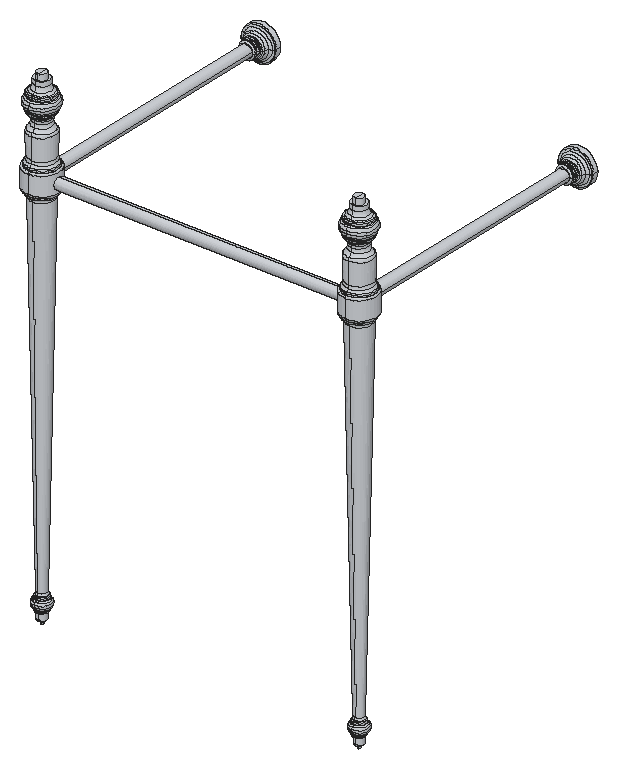
Revit family "Furniture-Console_Table_Legs-KOHLER-Memoirs-K-30009", category Specialty Equipment, host Face, Revit 2015
Parameters (values of type "CP-Polished Chrome")
  Width = 20 11/16"  # constant formula
  URL = "https://www.us.kohler.com/us/"
  Type = 1
  Product Page URL = "http://www.us.kohler.com/us/catalog/productDetails.jsp?productNumber=30009"
  Product Name = "Memoirs"  # constant formula
  Product Documentation Link = "http://www.us.kohler.com/onlinecatalog/pdf/K-30009_spec.pdf"
  Model = if(Type = 1, "K-30009-CP", if(Type = 2, "K-30009-BN", if(Type = 3, "K-30009-BV", if(Type = 4, "K-30009-2BZ", "NA"))))  # "K-30009-CP"
  Material = "Solid Brass"  # constant formula
  MasterFormat 2004 = "10.28.13"  # constant formula
  MasterFormat 1995 = "10820"  # constant formula
  Manufacturer Address = "444 Highland Dr, Kohler, WI 53044"  # constant formula
  Manufacturer = "KOHLER Co."  # constant formula
  Length = 18"  # constant formula
  Height = 32 1/4"  # constant formula
  Finish = Kohler-Metal-CP-Polished_Chrome
  Environmental Product Declaration = ""
  Description = "Console table legs for K-2239 Memoirs sink"  # constant formula
  Default Elevation = 42"
  Declare Label = ""
  Date Modified = "12/11/2018"  # constant formula
  Date Created = "12/11/2018"  # constant formula
  Copyright = "Copyright KOHLER Co."  # constant formula
  Contact Us = "https://www.us.kohler.com/us/static/contact.jsp"
  Assembly Code = "C1030200"
  ADA Compliant = 1 = 0  # no
Reference planes (in)
  plane 1 "Center (Front/Back)": y = 0
  plane 2: z = 0
  plane 3 "Center (Left/Right)": x = 0
  plane 4: x = -10.34375
  plane 5: x = 10.34375
  plane 6: z = 32.25
  plane 7: y = 18
Dimensions and locks (in)
  "Height": plane 6 to level
  "Width": plane 4 to plane 5
  "Length": plane 7 to plane 1 "Center (Front/Back)"
  aligned and locked: host face to plane 2
  aligned and locked: host face to level
Automatic sketch dimensions
  host sketch curve to host sketch curve = 96"  (x2)
Nested families (in)
  nested 1: "K-30009" at (0, 18, 16.125) x (-1, 0, 0) z (0, -1, 0), type "K-30009"
Definition of nested family "K-30009"
  Parameters (values of type "K-30009")
    Material = none
    Default Elevation = 48"
  Reference planes (in)
    plane 1 "Center (Front/Back)": y = 0
    plane 2: z = 0
    plane 3 "Center (Left/Right)": x = 0
    plane 4: x = -10.34375
    plane 5: x = 10.34375
    plane 6: y = 16.125
    plane 7: y = -16.125
    plane 8: z = 18
  Forms (in)
    Revolve 1, solid, material <- "Material", detail levels medium+fine
      sketch origin (1.46875, 10.011, 0) x (1, 0, 0) y (0, 0, 1)
        loop
          line (8.875, 0) -> (8.875, 18) -> (8.5, 18) -> (8.5, 1.346) -> (8.41906, 1.346)
          arc (8.41906, 1.346) -> (8.36494, 1.32732) -> (8.33386, 1.27924) r 0.08775
          arc (8.33386, 1.27924) -> (8.33059, 1.25169) -> (8.33417, 1.22418) r 0.11251
          arc (8.33417, 1.22418) -> (8.34377, 1.20686) -> (8.36057, 1.19637) r 0.03951
          arc (8.36057, 1.19637) -> (8.38055, 1.18696) -> (8.39726, 1.17254) r 0.08155
          arc (8.39726, 1.17254) -> (8.42648, 1.12495) -> (8.43789, 1.0703) r 0.16273
          arc (8.43789, 1.0703) -> (8.42398, 1.01029) -> (8.38199, 0.96522) r 0.11929
          arc (8.38199, 0.96522) -> (8.35827, 0.95245) -> (8.33308, 0.94291) r 0.20464
          arc (8.33308, 0.94291) -> (8.31027, 0.92618) -> (8.30286, 0.89887) r 0.04282
          arc (8.30286, 0.89887) -> (8.29002, 0.85026) -> (8.25007, 0.81975) r 0.07754
          arc (8.25007, 0.81975) -> (8.18959, 0.78696) -> (8.144, 0.73544) r 0.19783
          arc (8.144, 0.73544) -> (8.09993, 0.65925) -> (8.05975, 0.58094) r 1.74576
          arc (8.05975, 0.58094) -> (8.00416, 0.49545) -> (7.92879, 0.42677) r 0.40039
          arc (7.92879, 0.42677) -> (7.85715, 0.39029) -> (7.77823, 0.37504) r 0.28779
          arc (7.77823, 0.37504) -> (7.75215, 0.36305) -> (7.7415, 0.3364) r 0.03869
          line (7.7415, 0.3364) -> (7.7415, 0) -> (8.875, 0)
        axis (8.875, 18) -> (8.875, 0)
      angle from 0 to 360
    Revolve 2, solid, material <- "Material", detail levels medium+fine
      sketch origin (-1.46875, 10.011, 0) x (-1, 0, 0) y (0, 0, -1)
        loop
          line (8.875, 0) -> (7.7415, 0) -> (7.7415, -0.3364)
          arc (7.7415, -0.3364) -> (7.75215, -0.36305) -> (7.77823, -0.37504) r 0.03869
          arc (7.77823, -0.37504) -> (7.85715, -0.39029) -> (7.92879, -0.42677) r 0.28779
          arc (7.92879, -0.42677) -> (8.00416, -0.49545) -> (8.05975, -0.58094) r 0.40039
          arc (8.05975, -0.58094) -> (8.09993, -0.65925) -> (8.144, -0.73544) r 1.74576
          arc (8.144, -0.73544) -> (8.18959, -0.78696) -> (8.25007, -0.81975) r 0.19783
          arc (8.25007, -0.81975) -> (8.29002, -0.85026) -> (8.30286, -0.89887) r 0.07754
          arc (8.30286, -0.89887) -> (8.31027, -0.92618) -> (8.33308, -0.94291) r 0.04282
          arc (8.33308, -0.94291) -> (8.35827, -0.95245) -> (8.38199, -0.96522) r 0.20464
          arc (8.38199, -0.96522) -> (8.42398, -1.01029) -> (8.43789, -1.0703) r 0.11929
          arc (8.43789, -1.0703) -> (8.42648, -1.12495) -> (8.39726, -1.17254) r 0.16273
          arc (8.39726, -1.17254) -> (8.38055, -1.18696) -> (8.36057, -1.19637) r 0.08155
          arc (8.36057, -1.19637) -> (8.34377, -1.20686) -> (8.33417, -1.22418) r 0.03951
          arc (8.33417, -1.22418) -> (8.33059, -1.25169) -> (8.33386, -1.27924) r 0.11251
          arc (8.33386, -1.27924) -> (8.36494, -1.32732) -> (8.41906, -1.346) r 0.08775
          line (8.41906, -1.346) -> (8.5, -1.346) -> (8.5, -18) -> (8.875, -18) -> (8.875, 0)
        axis (8.875, -18) -> (8.875, 0)
      angle from 0 to 360
    Revolve 3, solid, material <- "Material", detail levels medium+fine
      sketch origin (-10.34375, 0, 1.6875) x (0, 1, 0) y (0, 0, 1)
        loop
          line (16.125, 16.3125) -> (16.125, 16.6215) -> (15.765, 16.6215) -> (15.765, 16.8065) -> (15.515, 16.8065)
          arc (15.515, 16.8065) -> (15.35094, 16.82869) -> (15.19867, 16.89366) r 0.61762
          arc (15.19867, 16.89366) -> (15.11895, 16.95203) -> (15.05158, 17.02431) r 0.52475
          arc (15.05158, 17.02431) -> (15.01863, 17.07736) -> (14.99688, 17.13591) r 0.31252
          arc (14.99688, 17.13591) -> (14.97885, 17.16317) -> (14.94791, 17.17373) r 0.05061
          line (14.94791, 17.17373) -> (14.85323, 17.17373)
          arc (14.85323, 17.17373) -> (14.82854, 17.17879) -> (14.80784, 17.19315) r 0.06273
          arc (14.80784, 17.19315) -> (14.76185, 17.23557) -> (14.71083, 17.27178) r 0.49001
          arc (14.71083, 17.27178) -> (14.62314, 17.31622) -> (14.52924, 17.34532) r 0.58399
          arc (14.52924, 17.34532) -> (14.442, 17.35651) -> (14.35415, 17.35211) r 0.49615
          arc (14.35415, 17.35211) -> (14.25641, 17.32992) -> (14.1638, 17.29158) r 0.5934
          arc (14.1638, 17.29158) -> (14.09759, 17.25005) -> (14.03918, 17.19812) r 0.46996
          arc (14.03918, 17.19812) -> (14.01299, 17.17992) -> (13.98175, 17.1735) r 0.0793
          line (13.98175, 17.1735) -> (13.89812, 17.1735)
          arc (13.89812, 17.1735) -> (13.86983, 17.16696) -> (13.84728, 17.14865) r 0.06443
          arc (13.84728, 17.14865) -> (13.82732, 17.12431) -> (13.80614, 17.10101) r 0.61911
          arc (13.80614, 17.10101) -> (13.74083, 17.03972) -> (13.66928, 16.98584) r 0.82896
          arc (13.66928, 16.98584) -> (13.61365, 16.95374) -> (13.55418, 16.92951) r 0.4712
          arc (13.55418, 16.92951) -> (13.46183, 16.90463) -> (13.3673, 16.89012) r 0.86277
          arc (13.3673, 16.89012) -> (13.24304, 16.89348) -> (13.12341, 16.92722) r 0.50287
          arc (13.12341, 16.92722) -> (12.98459, 17.00156) -> (12.86189, 17.10024) r 0.84916
          arc (12.86189, 17.10024) -> (12.77921, 17.1535) -> (12.68239, 17.17074) r 0.25
          line (12.68239, 17.17074) -> (11.29071, 17.14048)
          arc (11.29071, 17.14048) -> (11.18734, 17.14534) -> (11.08561, 17.16432) r 0.7535
          arc (11.08561, 17.16432) -> (10.98562, 17.20401) -> (10.89852, 17.26716) r 0.43244
          arc (10.89852, 17.26716) -> (10.86414, 17.2889) -> (10.82418, 17.29651) r 0.10882
          line (10.82418, 17.29651) -> (10.7402, 17.29651)
          arc (10.7402, 17.29651) -> (10.7237, 17.3034) -> (10.71699, 17.31997) r 0.02321
          arc (10.71699, 17.31997) -> (10.68841, 17.39063) -> (10.61808, 17.42) r 0.09892
          line (10.61808, 17.42) -> (9.40474, 17.42)
          arc (9.40474, 17.42) -> (9.33311, 17.38967) -> (9.30505, 17.31711) r 0.09974
          arc (9.30505, 17.31711) -> (9.29943, 17.30258) -> (9.28508, 17.2965) r 0.01998
          line (9.28508, 17.2965) -> (9.19764, 17.2965)
          arc (9.19764, 17.2965) -> (9.16479, 17.28738) -> (9.14136, 17.26262) r 0.06369
          arc (9.14136, 17.26262) -> (9.02349, 17.13683) -> (8.85813, 17.08814) r 0.32813
          line (8.85813, 17.08814) -> (-14.19593, 16.61484)
          arc (-14.19593, 16.61484) -> (-14.2741, 16.62311) -> (-14.34774, 16.6506) r 0.31293
          arc (-14.34774, 16.6506) -> (-14.387, 16.67549) -> (-14.42168, 16.70644) r 0.28437
          arc (-14.42168, 16.70644) -> (-14.44312, 16.72136) -> (-14.46869, 16.72661) r 0.06488
          line (-14.46869, 16.72661) -> (-14.56367, 16.72661)
          arc (-14.56367, 16.72661) -> (-14.5782, 16.73217) -> (-14.58531, 16.74599) r 0.02176
          arc (-14.58531, 16.74599) -> (-14.58951, 16.76093) -> (-14.59832, 16.7737) r 0.04734
          arc (-14.59832, 16.7737) -> (-14.63686, 16.81048) -> (-14.67821, 16.84406) r 0.66345
          arc (-14.67821, 16.84406) -> (-14.73924, 16.87864) -> (-14.80697, 16.8969) r 0.27881
          arc (-14.80697, 16.8969) -> (-14.8828, 16.90092) -> (-14.95824, 16.89217) r 0.45132
          arc (-14.95824, 16.89217) -> (-15.02292, 16.87159) -> (-15.08166, 16.83758) r 0.31371
          arc (-15.08166, 16.83758) -> (-15.12797, 16.79804) -> (-15.16801, 16.75216) r 0.41553
          arc (-15.16801, 16.75216) -> (-15.19005, 16.73378) -> (-15.21798, 16.72719) r 0.0625
          line (-15.21798, 16.72719) -> (-15.27256, 16.72719)
          arc (-15.27256, 16.72719) -> (-15.3168, 16.70887) -> (-15.33512, 16.66463) r 0.06256
          line (-15.33512, 16.66463) -> (-15.33512, 16.6065) -> (-15.81259, 16.6065)
          arc (-15.81259, 16.6065) -> (-15.85672, 16.58822) -> (-15.875, 16.54409) r 0.06241
          line (-15.875, 16.54409) -> (-15.875, 16.3965) -> (-16.094, 16.3965) -> (-16.125, 16.3655) -> (-16.125, 16.3125) -> (16.125, 16.3125)
        axis (-16.125, 16.3125) -> (16.125, 16.3125)
      angle from 0 to 360
    Revolve 4, solid, material <- "Material", detail levels medium+fine
      sketch origin (10.34375, 0, 1.6875) x (0, 1, 0) y (0, 0, -1)
        loop
          line (16.125, -16.3125) -> (-16.125, -16.3125) -> (-16.125, -16.3655) -> (-16.094, -16.3965) -> (-15.875, -16.3965) -> (-15.875, -16.54409)
          arc (-15.875, -16.54409) -> (-15.85672, -16.58822) -> (-15.81259, -16.6065) r 0.06241
          line (-15.81259, -16.6065) -> (-15.33512, -16.6065) -> (-15.33512, -16.66463)
          arc (-15.33512, -16.66463) -> (-15.3168, -16.70887) -> (-15.27256, -16.72719) r 0.06256
          line (-15.27256, -16.72719) -> (-15.21798, -16.72719)
          arc (-15.21798, -16.72719) -> (-15.19005, -16.73378) -> (-15.16801, -16.75216) r 0.0625
          arc (-15.16801, -16.75216) -> (-15.12797, -16.79804) -> (-15.08166, -16.83758) r 0.41553
          arc (-15.08166, -16.83758) -> (-15.02292, -16.87159) -> (-14.95824, -16.89217) r 0.31371
          arc (-14.95824, -16.89217) -> (-14.8828, -16.90092) -> (-14.80697, -16.8969) r 0.45132
          arc (-14.80697, -16.8969) -> (-14.73924, -16.87864) -> (-14.67821, -16.84406) r 0.27881
          arc (-14.67821, -16.84406) -> (-14.63686, -16.81048) -> (-14.59832, -16.7737) r 0.66345
          arc (-14.59832, -16.7737) -> (-14.58951, -16.76093) -> (-14.58531, -16.74599) r 0.04734
          arc (-14.58531, -16.74599) -> (-14.5782, -16.73217) -> (-14.56367, -16.72661) r 0.02176
          line (-14.56367, -16.72661) -> (-14.46869, -16.72661)
          arc (-14.46869, -16.72661) -> (-14.44312, -16.72136) -> (-14.42168, -16.70644) r 0.06488
          arc (-14.42168, -16.70644) -> (-14.387, -16.67549) -> (-14.34774, -16.6506) r 0.28437
          arc (-14.34774, -16.6506) -> (-14.2741, -16.62311) -> (-14.19593, -16.61484) r 0.31293
          line (-14.19593, -16.61484) -> (8.85813, -17.08814)
          arc (8.85813, -17.08814) -> (9.02349, -17.13683) -> (9.14136, -17.26262) r 0.32813
          arc (9.14136, -17.26262) -> (9.16479, -17.28738) -> (9.19764, -17.2965) r 0.06369
          line (9.19764, -17.2965) -> (9.28508, -17.2965)
          arc (9.28508, -17.2965) -> (9.29943, -17.30258) -> (9.30505, -17.31711) r 0.01998
          arc (9.30505, -17.31711) -> (9.33311, -17.38967) -> (9.40474, -17.42) r 0.09974
          line (9.40474, -17.42) -> (10.61808, -17.42)
          arc (10.61808, -17.42) -> (10.68841, -17.39063) -> (10.71699, -17.31997) r 0.09892
          arc (10.71699, -17.31997) -> (10.7237, -17.3034) -> (10.7402, -17.29651) r 0.02321
          line (10.7402, -17.29651) -> (10.82418, -17.29651)
          arc (10.82418, -17.29651) -> (10.86414, -17.2889) -> (10.89852, -17.26716) r 0.10882
          arc (10.89852, -17.26716) -> (10.98562, -17.20401) -> (11.08561, -17.16432) r 0.43244
          arc (11.08561, -17.16432) -> (11.18734, -17.14534) -> (11.29071, -17.14048) r 0.7535
          line (11.29071, -17.14048) -> (12.68239, -17.17074)
          arc (12.68239, -17.17074) -> (12.77921, -17.1535) -> (12.86189, -17.10024) r 0.25
          arc (12.86189, -17.10024) -> (12.98459, -17.00156) -> (13.12341, -16.92722) r 0.84916
          arc (13.12341, -16.92722) -> (13.24304, -16.89348) -> (13.3673, -16.89012) r 0.50287
          arc (13.3673, -16.89012) -> (13.46183, -16.90463) -> (13.55418, -16.92951) r 0.86277
          arc (13.55418, -16.92951) -> (13.61365, -16.95374) -> (13.66928, -16.98584) r 0.4712
          arc (13.66928, -16.98584) -> (13.74083, -17.03972) -> (13.80614, -17.10101) r 0.82896
          arc (13.80614, -17.10101) -> (13.82732, -17.12431) -> (13.84728, -17.14865) r 0.61911
          arc (13.84728, -17.14865) -> (13.86983, -17.16696) -> (13.89812, -17.1735) r 0.06443
          line (13.89812, -17.1735) -> (13.98175, -17.1735)
          arc (13.98175, -17.1735) -> (14.01299, -17.17992) -> (14.03918, -17.19812) r 0.0793
          arc (14.03918, -17.19812) -> (14.09759, -17.25005) -> (14.1638, -17.29158) r 0.46996
          arc (14.1638, -17.29158) -> (14.25641, -17.32992) -> (14.35415, -17.35211) r 0.5934
          arc (14.35415, -17.35211) -> (14.442, -17.35651) -> (14.52924, -17.34532) r 0.49615
          arc (14.52924, -17.34532) -> (14.62314, -17.31622) -> (14.71083, -17.27178) r 0.58399
          arc (14.71083, -17.27178) -> (14.76185, -17.23557) -> (14.80784, -17.19315) r 0.49001
          arc (14.80784, -17.19315) -> (14.82854, -17.17879) -> (14.85323, -17.17373) r 0.06273
          line (14.85323, -17.17373) -> (14.94791, -17.17373)
          arc (14.94791, -17.17373) -> (14.97885, -17.16317) -> (14.99688, -17.13591) r 0.05061
          arc (14.99688, -17.13591) -> (15.01863, -17.07736) -> (15.05158, -17.02431) r 0.31252
          arc (15.05158, -17.02431) -> (15.11895, -16.95203) -> (15.19867, -16.89366) r 0.52475
          arc (15.19867, -16.89366) -> (15.35094, -16.82869) -> (15.515, -16.8065) r 0.61762
          line (15.515, -16.8065) -> (15.765, -16.8065) -> (15.765, -16.6215) -> (16.125, -16.6215) -> (16.125, -16.3125)
        axis (-16.125, -16.3125) -> (16.125, -16.3125)
      angle from 0 to 360
    Extrusion 5, solid, material <- "Material", detail levels medium+fine
      sketch origin (0, 0, 1.6875) x (0, 1, 0) y (0, 0, 1)
        loop
          circle (10.011, 16.3125) r 0.375
      from -10.34375 to 10.34375
    Revolve 6, solid, material <- "Material", detail levels coarse
      sketch origin (-10.34375, 0, 0) x (0, 1, 0) y (0, 0, 1)
        loop
          line (10.011, 0) -> (10.011, 18) -> (9.636, 18) -> (9.636, 1.346) -> (8.8775, 1.346) -> (8.8775, 0) -> (10.011, 0)
        axis (10.011, 18) -> (10.011, 0)
      angle from 0 to 360
    Revolve 7, solid, material <- "Material", detail levels coarse
      sketch origin (10.34375, 0, 0) x (0, 1, 0) y (0, 0, -1)
        loop
          line (10.011, 0) -> (8.8775, 0) -> (8.8775, -1.346) -> (9.636, -1.346) -> (9.636, -18) -> (10.011, -18) -> (10.011, 0)
        axis (10.011, -18) -> (10.011, 0)
      angle from 0 to 360
    Revolve 8, solid, material <- "Material", detail levels coarse
      sketch origin (0, 0, 18) x (1, 0, 0) y (0, 1, 0)
        loop
          line (-10.34375, 16.125) -> (-10.34375, -16.125) -> (-9.75511, -16.125) -> (-9.75511, -14.8687) -> (-9.23625, 8.136) -> (-9.23625, 10.386) -> (-9.30414, 14.35415) -> (-9.30414, 16.125) -> (-10.34375, 16.125)
        axis (-10.34375, 16.125) -> (-10.34375, -16.125)
      angle from 0 to 360
    Revolve 9, solid, material <- "Material", detail levels coarse
      sketch origin (0, 0, 18) x (-1, 0, 0) y (0, -1, 0)
        loop
          line (-10.34375, -16.125) -> (-9.30414, -16.125) -> (-9.30414, -14.35415) -> (-9.23625, -10.386) -> (-9.23625, -8.136) -> (-9.75511, 14.8687) -> (-9.75511, 16.125) -> (-10.34375, 16.125) -> (-10.34375, -16.125)
        axis (-10.34375, -16.125) -> (-10.34375, 16.125)
      angle from 0 to 360
    Extrusion 10, solid, material <- "Material", detail levels coarse
      sketch origin (0, 0, 0) x (0, 1, 0) y (0, 0, 1)
        loop
          circle (10.011, 18) r 0.42333
      from -10.34375 to 10.34375
  Cuts and joins
    joined: Revolve 1, Revolve 2, Revolve 3, Revolve 4, Extrusion 5
    joined: Revolve 6, Revolve 7, Revolve 8, Revolve 9, Extrusion 10
  Lines and regions (in)
    Masking region 1
      outline origin (0, 0, 0) x (1, 0, 0) y (0, 0, 1)
        loop
          line (10.34375, 0) -> (11.47725, 0) -> (11.47725, 0.3364)
          arc (11.47725, 0.3364) -> (11.4666, 0.36305) -> (11.44052, 0.37504) r 0.03869
          arc (11.44052, 0.37504) -> (11.3616, 0.39029) -> (11.28996, 0.42677) r 0.28779
          arc (11.28996, 0.42677) -> (11.21459, 0.49545) -> (11.159, 0.58094) r 0.40039
          arc (11.159, 0.58094) -> (11.11882, 0.65925) -> (11.07475, 0.73544) r 1.74576
          arc (11.07475, 0.73544) -> (11.02916, 0.78696) -> (10.96868, 0.81975) r 0.19783
          arc (10.96868, 0.81975) -> (10.92873, 0.85026) -> (10.91589, 0.89887) r 0.07754
          arc (10.91589, 0.89887) -> (10.90848, 0.92618) -> (10.88567, 0.94291) r 0.04282
          arc (10.88567, 0.94291) -> (10.86048, 0.95245) -> (10.83676, 0.96522) r 0.20464
          arc (10.83676, 0.96522) -> (10.79477, 1.01029) -> (10.78086, 1.0703) r 0.11929
          arc (10.78086, 1.0703) -> (10.79227, 1.12495) -> (10.82149, 1.17254) r 0.16273
          arc (10.82149, 1.17254) -> (10.8382, 1.18696) -> (10.85818, 1.19637) r 0.08155
          arc (10.85818, 1.19637) -> (10.87498, 1.20686) -> (10.88458, 1.22418) r 0.03951
          arc (10.88458, 1.22418) -> (10.88816, 1.25169) -> (10.88489, 1.27924) r 0.11251
          arc (10.88489, 1.27924) -> (10.85381, 1.32732) -> (10.79969, 1.346) r 0.08775
          line (10.79969, 1.346) -> (10.71875, 1.346) -> (10.71875, 16.95724)
          arc (10.71875, 16.95724) -> (11.12732, 18.78357) -> (9.30099, 18.375) r 1.10814
          line (9.30099, 18.375) -> (-9.30099, 18.375)
          arc (-9.30099, 18.375) -> (-11.12732, 18.78357) -> (-10.71875, 16.95724) r 1.10814
          line (-10.71875, 16.95724) -> (-10.71875, 1.346) -> (-10.79969, 1.346)
          arc (-10.79969, 1.346) -> (-10.85381, 1.32732) -> (-10.88489, 1.27924) r 0.08775
          arc (-10.88489, 1.27924) -> (-10.88816, 1.25169) -> (-10.88458, 1.22418) r 0.11251
          arc (-10.88458, 1.22418) -> (-10.87498, 1.20686) -> (-10.85818, 1.19637) r 0.03951
          arc (-10.85818, 1.19637) -> (-10.8382, 1.18696) -> (-10.82149, 1.17254) r 0.08155
          arc (-10.82149, 1.17254) -> (-10.79227, 1.12495) -> (-10.78086, 1.0703) r 0.16273
          arc (-10.78086, 1.0703) -> (-10.79477, 1.01029) -> (-10.83676, 0.96522) r 0.11929
          arc (-10.83676, 0.96522) -> (-10.86048, 0.95245) -> (-10.88567, 0.94291) r 0.20464
          arc (-10.88567, 0.94291) -> (-10.90848, 0.92618) -> (-10.91589, 0.89887) r 0.04282
          arc (-10.91589, 0.89887) -> (-10.92873, 0.85026) -> (-10.96868, 0.81975) r 0.07754
          arc (-10.96868, 0.81975) -> (-11.02916, 0.78696) -> (-11.07475, 0.73544) r 0.19783
          arc (-11.07475, 0.73544) -> (-11.11882, 0.65925) -> (-11.159, 0.58094) r 1.74576
          arc (-11.159, 0.58094) -> (-11.21459, 0.49545) -> (-11.28996, 0.42677) r 0.40039
          arc (-11.28996, 0.42677) -> (-11.3616, 0.39029) -> (-11.44052, 0.37504) r 0.28779
          arc (-11.44052, 0.37504) -> (-11.4666, 0.36305) -> (-11.47725, 0.3364) r 0.03869
          line (-11.47725, 0.3364) -> (-11.47725, 0) -> (-10.34375, 0) -> (-9.21025, 0) -> (-9.21025, 0.3364)
          arc (-9.21025, 0.3364) -> (-9.2209, 0.36305) -> (-9.24698, 0.37504) r 0.03869
          arc (-9.24698, 0.37504) -> (-9.3259, 0.39029) -> (-9.39754, 0.42677) r 0.28779
          arc (-9.39754, 0.42677) -> (-9.47291, 0.49545) -> (-9.5285, 0.58094) r 0.40039
          arc (-9.5285, 0.58094) -> (-9.56868, 0.65925) -> (-9.61275, 0.73544) r 1.74576
          arc (-9.61275, 0.73544) -> (-9.65834, 0.78696) -> (-9.71882, 0.81975) r 0.19783
          arc (-9.71882, 0.81975) -> (-9.75877, 0.85026) -> (-9.77161, 0.89887) r 0.07754
          arc (-9.77161, 0.89887) -> (-9.77902, 0.92618) -> (-9.80183, 0.94291) r 0.04282
          arc (-9.80183, 0.94291) -> (-9.82702, 0.95245) -> (-9.85074, 0.96522) r 0.20464
          arc (-9.85074, 0.96522) -> (-9.89273, 1.01029) -> (-9.90664, 1.0703) r 0.11929
          arc (-9.90664, 1.0703) -> (-9.89523, 1.12495) -> (-9.86601, 1.17254) r 0.16273
          arc (-9.86601, 1.17254) -> (-9.8493, 1.18696) -> (-9.82932, 1.19637) r 0.08155
          arc (-9.82932, 1.19637) -> (-9.81252, 1.20686) -> (-9.80292, 1.22418) r 0.03951
          arc (-9.80292, 1.22418) -> (-9.79934, 1.25169) -> (-9.80261, 1.27924) r 0.11251
          arc (-9.80261, 1.27924) -> (-9.83369, 1.32732) -> (-9.88781, 1.346) r 0.08775
          line (-9.88781, 1.346) -> (-9.96875, 1.346) -> (-9.96875, 16.95724)
          arc (-9.96875, 16.95724) -> (-9.56018, 17.21642) -> (-9.301, 17.62499) r 1.10814
          line (-9.301, 17.62499) -> (9.301, 17.62499)
          arc (9.301, 17.62499) -> (9.56018, 17.21642) -> (9.96875, 16.95724) r 1.10814
          line (9.96875, 16.95724) -> (9.96875, 1.346) -> (9.88781, 1.346)
          arc (9.88781, 1.346) -> (9.83369, 1.32732) -> (9.80261, 1.27924) r 0.08775
          arc (9.80261, 1.27924) -> (9.79934, 1.25169) -> (9.80292, 1.22418) r 0.11251
          arc (9.80292, 1.22418) -> (9.81252, 1.20686) -> (9.82932, 1.19637) r 0.03951
          arc (9.82932, 1.19637) -> (9.8493, 1.18696) -> (9.86601, 1.17254) r 0.08155
          arc (9.86601, 1.17254) -> (9.89523, 1.12495) -> (9.90664, 1.0703) r 0.16273
          arc (9.90664, 1.0703) -> (9.89273, 1.01029) -> (9.85074, 0.96522) r 0.11929
          arc (9.85074, 0.96522) -> (9.82702, 0.95245) -> (9.80183, 0.94291) r 0.20464
          arc (9.80183, 0.94291) -> (9.77902, 0.92618) -> (9.77161, 0.89887) r 0.04282
          arc (9.77161, 0.89887) -> (9.75877, 0.85026) -> (9.71882, 0.81975) r 0.07754
          arc (9.71882, 0.81975) -> (9.65834, 0.78696) -> (9.61275, 0.73544) r 0.19783
          arc (9.61275, 0.73544) -> (9.56868, 0.65925) -> (9.5285, 0.58094) r 1.74576
          arc (9.5285, 0.58094) -> (9.47291, 0.49545) -> (9.39754, 0.42677) r 0.40039
          arc (9.39754, 0.42677) -> (9.3259, 0.39029) -> (9.24698, 0.37504) r 0.28779
          arc (9.24698, 0.37504) -> (9.2209, 0.36305) -> (9.21025, 0.3364) r 0.03869
          line (9.21025, 0.3364) -> (9.21025, 0) -> (10.34375, 0)
    Masking region 2
      outline origin (0, 0, 0) x (0, 1, 0) y (0, 0, 1)
        loop
          line (10.011, 0) -> (11.1445, 0) -> (11.1445, 0.3364)
          arc (11.1445, 0.3364) -> (11.13385, 0.36305) -> (11.10777, 0.37504) r 0.03869
          arc (11.10777, 0.37504) -> (11.02885, 0.39029) -> (10.95721, 0.42677) r 0.28779
          arc (10.95721, 0.42677) -> (10.88184, 0.49545) -> (10.82625, 0.58094) r 0.40039
          arc (10.82625, 0.58094) -> (10.78607, 0.65925) -> (10.742, 0.73544) r 1.74576
          arc (10.742, 0.73544) -> (10.69641, 0.78696) -> (10.63593, 0.81975) r 0.19783
          arc (10.63593, 0.81975) -> (10.59598, 0.85026) -> (10.58314, 0.89887) r 0.07754
          arc (10.58314, 0.89887) -> (10.57573, 0.92618) -> (10.55292, 0.94291) r 0.04282
          arc (10.55292, 0.94291) -> (10.52773, 0.95245) -> (10.50401, 0.96522) r 0.20464
          arc (10.50401, 0.96522) -> (10.46202, 1.01029) -> (10.44811, 1.0703) r 0.11929
          arc (10.44811, 1.0703) -> (10.45952, 1.12495) -> (10.48874, 1.17254) r 0.16273
          arc (10.48874, 1.17254) -> (10.50545, 1.18696) -> (10.52543, 1.19637) r 0.08155
          arc (10.52543, 1.19637) -> (10.54223, 1.20686) -> (10.55183, 1.22418) r 0.03951
          arc (10.55183, 1.22418) -> (10.55541, 1.25169) -> (10.55214, 1.27924) r 0.11251
          arc (10.55214, 1.27924) -> (10.52106, 1.32732) -> (10.46694, 1.346) r 0.08775
          line (10.46694, 1.346) -> (10.386, 1.346) -> (10.386, 16.8925) -> (10.61808, 16.8925)
          arc (10.61808, 16.8925) -> (10.68841, 16.92187) -> (10.71699, 16.99253) r 0.09892
          arc (10.71699, 16.99253) -> (10.7237, 17.0091) -> (10.7402, 17.01599) r 0.02321
          line (10.7402, 17.01599) -> (10.82418, 17.01599)
          arc (10.82418, 17.01599) -> (10.86414, 17.0236) -> (10.89852, 17.04534) r 0.10882
          arc (10.89852, 17.04534) -> (10.98562, 17.10849) -> (11.08561, 17.14818) r 0.43244
          arc (11.08561, 17.14818) -> (11.18734, 17.16716) -> (11.29071, 17.17202) r 0.7535
          line (11.29071, 17.17202) -> (12.68239, 17.14176)
          arc (12.68239, 17.14176) -> (12.77921, 17.159) -> (12.86189, 17.21226) r 0.25
          arc (12.86189, 17.21226) -> (12.98459, 17.31094) -> (13.12341, 17.38528) r 0.84916
          arc (13.12341, 17.38528) -> (13.24304, 17.41902) -> (13.3673, 17.42238) r 0.50287
          arc (13.3673, 17.42238) -> (13.46183, 17.40787) -> (13.55418, 17.38299) r 0.86277
          arc (13.55418, 17.38299) -> (13.61365, 17.35876) -> (13.66928, 17.32666) r 0.4712
          arc (13.66928, 17.32666) -> (13.74083, 17.27278) -> (13.80614, 17.21149) r 0.82896
          arc (13.80614, 17.21149) -> (13.82732, 17.18819) -> (13.84728, 17.16385) r 0.61911
          arc (13.84728, 17.16385) -> (13.86983, 17.14554) -> (13.89812, 17.139) r 0.06443
          line (13.89812, 17.139) -> (13.98175, 17.139)
          arc (13.98175, 17.139) -> (14.01299, 17.13258) -> (14.03918, 17.11438) r 0.0793
          arc (14.03918, 17.11438) -> (14.09759, 17.06245) -> (14.1638, 17.02092) r 0.46996
          arc (14.1638, 17.02092) -> (14.25641, 16.98258) -> (14.35415, 16.96039) r 0.5934
          arc (14.35415, 16.96039) -> (14.442, 16.95599) -> (14.52924, 16.96718) r 0.49615
          arc (14.52924, 16.96718) -> (14.62314, 16.99628) -> (14.71083, 17.04072) r 0.58399
          arc (14.71083, 17.04072) -> (14.76185, 17.07693) -> (14.80784, 17.11935) r 0.49001
          arc (14.80784, 17.11935) -> (14.82854, 17.13371) -> (14.85323, 17.13877) r 0.06273
          line (14.85323, 17.13877) -> (14.94791, 17.13877)
          arc (14.94791, 17.13877) -> (14.97885, 17.14933) -> (14.99688, 17.17659) r 0.05061
          arc (14.99688, 17.17659) -> (15.01863, 17.23514) -> (15.05158, 17.28819) r 0.31252
          arc (15.05158, 17.28819) -> (15.11895, 17.36047) -> (15.19867, 17.41884) r 0.52475
          arc (15.19867, 17.41884) -> (15.35094, 17.48381) -> (15.515, 17.506) r 0.61762
          line (15.515, 17.506) -> (15.765, 17.506) -> (15.765, 17.691) -> (16.125, 17.691) -> (16.125, 18) -> (16.125, 18.309) -> (15.765, 18.309) -> (15.765, 18.494) -> (15.515, 18.494)
          arc (15.515, 18.494) -> (15.35094, 18.51619) -> (15.19867, 18.58116) r 0.61762
          arc (15.19867, 18.58116) -> (15.11895, 18.63953) -> (15.05158, 18.71181) r 0.52475
          arc (15.05158, 18.71181) -> (15.01863, 18.76486) -> (14.99688, 18.82341) r 0.31252
          arc (14.99688, 18.82341) -> (14.97885, 18.85067) -> (14.94791, 18.86123) r 0.05061
          line (14.94791, 18.86123) -> (14.85323, 18.86123)
          arc (14.85323, 18.86123) -> (14.82854, 18.86629) -> (14.80784, 18.88065) r 0.06273
          arc (14.80784, 18.88065) -> (14.76185, 18.92307) -> (14.71083, 18.95928) r 0.49001
          arc (14.71083, 18.95928) -> (14.62314, 19.00372) -> (14.52924, 19.03282) r 0.58399
          arc (14.52924, 19.03282) -> (14.442, 19.04401) -> (14.35415, 19.03961) r 0.49615
          arc (14.35415, 19.03961) -> (14.25641, 19.01742) -> (14.1638, 18.97908) r 0.5934
          arc (14.1638, 18.97908) -> (14.09759, 18.93755) -> (14.03918, 18.88562) r 0.46996
          arc (14.03918, 18.88562) -> (14.01299, 18.86742) -> (13.98175, 18.861) r 0.0793
          line (13.98175, 18.861) -> (13.89812, 18.861)
          arc (13.89812, 18.861) -> (13.86983, 18.85446) -> (13.84728, 18.83615) r 0.06443
          arc (13.84728, 18.83615) -> (13.82732, 18.81181) -> (13.80614, 18.78851) r 0.61911
          arc (13.80614, 18.78851) -> (13.74083, 18.72722) -> (13.66928, 18.67334) r 0.82896
          arc (13.66928, 18.67334) -> (13.61365, 18.64124) -> (13.55418, 18.61701) r 0.4712
          arc (13.55418, 18.61701) -> (13.46183, 18.59213) -> (13.3673, 18.57762) r 0.86277
          arc (13.3673, 18.57762) -> (13.24304, 18.58098) -> (13.12341, 18.61472) r 0.50287
          arc (13.12341, 18.61472) -> (12.98459, 18.68906) -> (12.86189, 18.78774) r 0.84916
          arc (12.86189, 18.78774) -> (12.77921, 18.841) -> (12.68239, 18.85824) r 0.25
          line (12.68239, 18.85824) -> (11.29071, 18.82798)
          arc (11.29071, 18.82798) -> (11.18734, 18.83284) -> (11.08561, 18.85182) r 0.7535
          arc (11.08561, 18.85182) -> (10.98562, 18.89151) -> (10.89852, 18.95466) r 0.43244
          arc (10.89852, 18.95466) -> (10.86414, 18.9764) -> (10.82418, 18.98401) r 0.10882
          line (10.82418, 18.98401) -> (10.7402, 18.98401)
          arc (10.7402, 18.98401) -> (10.7237, 18.9909) -> (10.71699, 19.00747) r 0.02321
          arc (10.71699, 19.00747) -> (10.68841, 19.07813) -> (10.61808, 19.1075) r 0.09892
          line (10.61808, 19.1075) -> (9.40474, 19.1075)
          arc (9.40474, 19.1075) -> (9.33311, 19.07717) -> (9.30505, 19.00461) r 0.09974
          arc (9.30505, 19.00461) -> (9.29943, 18.99008) -> (9.28508, 18.984) r 0.01998
          line (9.28508, 18.984) -> (9.19764, 18.984)
          arc (9.19764, 18.984) -> (9.16479, 18.97488) -> (9.14136, 18.95012) r 0.06369
          arc (9.14136, 18.95012) -> (9.02349, 18.82433) -> (8.85813, 18.77564) r 0.32813
          line (8.85813, 18.77564) -> (-14.19593, 18.30234)
          arc (-14.19593, 18.30234) -> (-14.2741, 18.31061) -> (-14.34774, 18.3381) r 0.31293
          arc (-14.34774, 18.3381) -> (-14.387, 18.36299) -> (-14.42168, 18.39394) r 0.28437
          arc (-14.42168, 18.39394) -> (-14.44312, 18.40886) -> (-14.46869, 18.41411) r 0.06488
          line (-14.46869, 18.41411) -> (-14.56367, 18.41411)
          arc (-14.56367, 18.41411) -> (-14.5782, 18.41967) -> (-14.58531, 18.43349) r 0.02176
          arc (-14.58531, 18.43349) -> (-14.58951, 18.44843) -> (-14.59832, 18.4612) r 0.04734
          arc (-14.59832, 18.4612) -> (-14.63686, 18.49798) -> (-14.67821, 18.53156) r 0.66345
          arc (-14.67821, 18.53156) -> (-14.73924, 18.56614) -> (-14.80697, 18.5844) r 0.27881
          arc (-14.80697, 18.5844) -> (-14.8828, 18.58842) -> (-14.95824, 18.57967) r 0.45132
          arc (-14.95824, 18.57967) -> (-15.02292, 18.55909) -> (-15.08166, 18.52508) r 0.31371
          arc (-15.08166, 18.52508) -> (-15.12797, 18.48554) -> (-15.16801, 18.43966) r 0.41553
          arc (-15.16801, 18.43966) -> (-15.19005, 18.42128) -> (-15.21798, 18.41469) r 0.0625
          line (-15.21798, 18.41469) -> (-15.27256, 18.41469)
          arc (-15.27256, 18.41469) -> (-15.3168, 18.39637) -> (-15.33512, 18.35213) r 0.06256
          line (-15.33512, 18.35213) -> (-15.33512, 18.294) -> (-15.81259, 18.294)
          arc (-15.81259, 18.294) -> (-15.85672, 18.27572) -> (-15.875, 18.23159) r 0.06241
          line (-15.875, 18.23159) -> (-15.875, 18.084) -> (-16.094, 18.084) -> (-16.125, 18.053) -> (-16.125, 18) -> (-16.125, 17.947) -> (-16.094, 17.916) -> (-15.875, 17.916) -> (-15.875, 17.76841)
          arc (-15.875, 17.76841) -> (-15.85672, 17.72428) -> (-15.81259, 17.706) r 0.06241
          line (-15.81259, 17.706) -> (-15.33512, 17.706) -> (-15.33512, 17.64787)
          arc (-15.33512, 17.64787) -> (-15.3168, 17.60363) -> (-15.27256, 17.58531) r 0.06256
          line (-15.27256, 17.58531) -> (-15.21798, 17.58531)
          arc (-15.21798, 17.58531) -> (-15.19005, 17.57872) -> (-15.16801, 17.56034) r 0.0625
          arc (-15.16801, 17.56034) -> (-15.12797, 17.51446) -> (-15.08166, 17.47492) r 0.41553
          arc (-15.08166, 17.47492) -> (-15.02292, 17.44091) -> (-14.95824, 17.42033) r 0.31371
          arc (-14.95824, 17.42033) -> (-14.8828, 17.41158) -> (-14.80697, 17.4156) r 0.45132
          arc (-14.80697, 17.4156) -> (-14.73924, 17.43386) -> (-14.67821, 17.46844) r 0.27881
          arc (-14.67821, 17.46844) -> (-14.63686, 17.50202) -> (-14.59832, 17.5388) r 0.66345
          arc (-14.59832, 17.5388) -> (-14.58951, 17.55157) -> (-14.58531, 17.56651) r 0.04734
          arc (-14.58531, 17.56651) -> (-14.5782, 17.58033) -> (-14.56367, 17.58589) r 0.02176
          line (-14.56367, 17.58589) -> (-14.46869, 17.58589)
          arc (-14.46869, 17.58589) -> (-14.44312, 17.59114) -> (-14.42168, 17.60606) r 0.06488
          arc (-14.42168, 17.60606) -> (-14.387, 17.63701) -> (-14.34774, 17.6619) r 0.28437
          arc (-14.34774, 17.6619) -> (-14.2741, 17.68939) -> (-14.19593, 17.69766) r 0.31293
          line (-14.19593, 17.69766) -> (8.85813, 17.22436)
          arc (8.85813, 17.22436) -> (9.02349, 17.17567) -> (9.14136, 17.04988) r 0.32813
          arc (9.14136, 17.04988) -> (9.16479, 17.02512) -> (9.19764, 17.016) r 0.06369
          line (9.19764, 17.016) -> (9.28508, 17.016)
          arc (9.28508, 17.016) -> (9.29943, 17.00992) -> (9.30505, 16.99539) r 0.01998
          arc (9.30505, 16.99539) -> (9.33311, 16.92283) -> (9.40474, 16.8925) r 0.09974
          line (9.40474, 16.8925) -> (9.636, 16.8925) -> (9.636, 1.346) -> (9.55506, 1.346)
          arc (9.55506, 1.346) -> (9.50094, 1.32732) -> (9.46986, 1.27924) r 0.08775
          arc (9.46986, 1.27924) -> (9.46659, 1.25169) -> (9.47017, 1.22418) r 0.11251
          arc (9.47017, 1.22418) -> (9.47977, 1.20686) -> (9.49657, 1.19637) r 0.03951
          arc (9.49657, 1.19637) -> (9.51655, 1.18696) -> (9.53326, 1.17254) r 0.08155
          arc (9.53326, 1.17254) -> (9.56248, 1.12495) -> (9.57389, 1.0703) r 0.16273
          arc (9.57389, 1.0703) -> (9.55998, 1.01029) -> (9.51799, 0.96522) r 0.11929
          arc (9.51799, 0.96522) -> (9.49427, 0.95245) -> (9.46908, 0.94291) r 0.20464
          arc (9.46908, 0.94291) -> (9.44627, 0.92618) -> (9.43886, 0.89887) r 0.04282
          arc (9.43886, 0.89887) -> (9.42602, 0.85026) -> (9.38607, 0.81975) r 0.07754
          arc (9.38607, 0.81975) -> (9.32559, 0.78696) -> (9.28, 0.73544) r 0.19783
          arc (9.28, 0.73544) -> (9.23593, 0.65925) -> (9.19575, 0.58094) r 1.74576
          arc (9.19575, 0.58094) -> (9.14016, 0.49545) -> (9.06479, 0.42677) r 0.40039
          arc (9.06479, 0.42677) -> (8.99315, 0.39029) -> (8.91423, 0.37504) r 0.28779
          arc (8.91423, 0.37504) -> (8.88815, 0.36305) -> (8.8775, 0.3364) r 0.03869
          line (8.8775, 0.3364) -> (8.8775, 0) -> (10.011, 0)
    Masking region 3
      outline origin (0, 0, 0) x (1, 0, 0) y (0, 1, 0)
        loop
          line (-10.34375, 16.125) -> (-10.65275, 16.125) -> (-10.65275, 15.765) -> (-10.83775, 15.765) -> (-10.83775, 15.515)
          arc (-10.83775, 15.515) -> (-10.85994, 15.35094) -> (-10.92491, 15.19867) r 0.61762
          arc (-10.92491, 15.19867) -> (-10.98328, 15.11895) -> (-11.05556, 15.05158) r 0.52475
          arc (-11.05556, 15.05158) -> (-11.10861, 15.01863) -> (-11.16716, 14.99688) r 0.31252
          arc (-11.16716, 14.99688) -> (-11.19442, 14.97885) -> (-11.20498, 14.94791) r 0.05061
          line (-11.20498, 14.94791) -> (-11.20498, 14.85323)
          arc (-11.20498, 14.85323) -> (-11.21004, 14.82854) -> (-11.2244, 14.80784) r 0.06273
          arc (-11.2244, 14.80784) -> (-11.26682, 14.76185) -> (-11.30303, 14.71083) r 0.49001
          arc (-11.30303, 14.71083) -> (-11.34747, 14.62314) -> (-11.37657, 14.52924) r 0.58399
          arc (-11.37657, 14.52924) -> (-11.38776, 14.442) -> (-11.38336, 14.35415) r 0.49615
          arc (-11.38336, 14.35415) -> (-11.36117, 14.25641) -> (-11.32283, 14.1638) r 0.5934
          arc (-11.32283, 14.1638) -> (-11.2813, 14.09759) -> (-11.22937, 14.03918) r 0.46996
          arc (-11.22937, 14.03918) -> (-11.21117, 14.01299) -> (-11.20475, 13.98175) r 0.0793
          line (-11.20475, 13.98175) -> (-11.20475, 13.89812)
          arc (-11.20475, 13.89812) -> (-11.19821, 13.86983) -> (-11.1799, 13.84728) r 0.06443
          arc (-11.1799, 13.84728) -> (-11.15556, 13.82732) -> (-11.13226, 13.80614) r 0.61911
          arc (-11.13226, 13.80614) -> (-11.07097, 13.74083) -> (-11.01709, 13.66928) r 0.82896
          arc (-11.01709, 13.66928) -> (-10.98499, 13.61365) -> (-10.96076, 13.55418) r 0.4712
          arc (-10.96076, 13.55418) -> (-10.93588, 13.46183) -> (-10.92137, 13.3673) r 0.86277
          arc (-10.92137, 13.3673) -> (-10.92473, 13.24304) -> (-10.95847, 13.12341) r 0.50287
          arc (-10.95847, 13.12341) -> (-11.03281, 12.98459) -> (-11.13149, 12.86189) r 0.84916
          arc (-11.13149, 12.86189) -> (-11.18475, 12.77921) -> (-11.20199, 12.68239) r 0.25
          line (-11.20199, 12.68239) -> (-11.17173, 11.29071)
          arc (-11.17173, 11.29071) -> (-11.17659, 11.18734) -> (-11.19557, 11.08561) r 0.7535
          arc (-11.19557, 11.08561) -> (-11.23526, 10.98562) -> (-11.29841, 10.89852) r 0.43244
          arc (-11.29841, 10.89852) -> (-11.32015, 10.86414) -> (-11.32776, 10.82418) r 0.10882
          line (-11.32776, 10.82418) -> (-11.32776, 10.7402)
          arc (-11.32776, 10.7402) -> (-11.33465, 10.7237) -> (-11.35122, 10.71699) r 0.02321
          arc (-11.35122, 10.71699) -> (-11.42188, 10.68841) -> (-11.45125, 10.61808) r 0.09892
          line (-11.45125, 10.61808) -> (-11.45125, 9.40474)
          arc (-11.45125, 9.40474) -> (-11.42092, 9.33311) -> (-11.34836, 9.30505) r 0.09974
          arc (-11.34836, 9.30505) -> (-11.33383, 9.29943) -> (-11.32775, 9.28508) r 0.01998
          line (-11.32775, 9.28508) -> (-11.32775, 9.19764)
          arc (-11.32775, 9.19764) -> (-11.31863, 9.16479) -> (-11.29387, 9.14136) r 0.06369
          arc (-11.29387, 9.14136) -> (-11.16808, 9.02349) -> (-11.11939, 8.85813) r 0.32813
          line (-11.11939, 8.85813) -> (-10.64609, -14.19593)
          arc (-10.64609, -14.19593) -> (-10.65436, -14.2741) -> (-10.68185, -14.34774) r 0.31293
          arc (-10.68185, -14.34774) -> (-10.70674, -14.387) -> (-10.73769, -14.42168) r 0.28437
          arc (-10.73769, -14.42168) -> (-10.75261, -14.44312) -> (-10.75786, -14.46869) r 0.06488
          line (-10.75786, -14.46869) -> (-10.75786, -14.56367)
          arc (-10.75786, -14.56367) -> (-10.76342, -14.5782) -> (-10.77724, -14.58531) r 0.02176
          arc (-10.77724, -14.58531) -> (-10.79218, -14.58951) -> (-10.80495, -14.59832) r 0.04734
          arc (-10.80495, -14.59832) -> (-10.84173, -14.63686) -> (-10.87531, -14.67821) r 0.66345
          arc (-10.87531, -14.67821) -> (-10.90989, -14.73924) -> (-10.92815, -14.80697) r 0.27881
          arc (-10.92815, -14.80697) -> (-10.93217, -14.8828) -> (-10.92342, -14.95824) r 0.45132
          arc (-10.92342, -14.95824) -> (-10.90284, -15.02292) -> (-10.86883, -15.08166) r 0.31371
          arc (-10.86883, -15.08166) -> (-10.82929, -15.12797) -> (-10.78341, -15.16801) r 0.41553
          arc (-10.78341, -15.16801) -> (-10.76503, -15.19005) -> (-10.75844, -15.21798) r 0.0625
          line (-10.75844, -15.21798) -> (-10.75844, -15.27256)
          arc (-10.75844, -15.27256) -> (-10.74012, -15.3168) -> (-10.69588, -15.33512) r 0.06256
          line (-10.69588, -15.33512) -> (-10.63775, -15.33512) -> (-10.63775, -15.81259)
          arc (-10.63775, -15.81259) -> (-10.61947, -15.85672) -> (-10.57534, -15.875) r 0.06241
          line (-10.57534, -15.875) -> (-10.42775, -15.875) -> (-10.42775, -16.094) -> (-10.39675, -16.125) -> (-10.34375, -16.125) -> (-10.29075, -16.125) -> (-10.25975, -16.094) -> (-10.25975, -15.875) -> (-10.11216, -15.875)
          arc (-10.11216, -15.875) -> (-10.06803, -15.85672) -> (-10.04975, -15.81259) r 0.06241
          line (-10.04975, -15.81259) -> (-10.04975, -15.33512) -> (-9.99162, -15.33512)
          arc (-9.99162, -15.33512) -> (-9.94738, -15.3168) -> (-9.92906, -15.27256) r 0.06256
          line (-9.92906, -15.27256) -> (-9.92906, -15.21798)
          arc (-9.92906, -15.21798) -> (-9.92247, -15.19005) -> (-9.90409, -15.16801) r 0.0625
          arc (-9.90409, -15.16801) -> (-9.85821, -15.12797) -> (-9.81867, -15.08166) r 0.41553
          arc (-9.81867, -15.08166) -> (-9.78466, -15.02292) -> (-9.76408, -14.95824) r 0.31371
          arc (-9.76408, -14.95824) -> (-9.75533, -14.8828) -> (-9.75935, -14.80697) r 0.45132
          arc (-9.75935, -14.80697) -> (-9.77761, -14.73924) -> (-9.81219, -14.67821) r 0.27881
          arc (-9.81219, -14.67821) -> (-9.84577, -14.63686) -> (-9.88255, -14.59832) r 0.66345
          arc (-9.88255, -14.59832) -> (-9.89532, -14.58951) -> (-9.91026, -14.58531) r 0.04734
          arc (-9.91026, -14.58531) -> (-9.92408, -14.5782) -> (-9.92964, -14.56367) r 0.02176
          line (-9.92964, -14.56367) -> (-9.92964, -14.46869)
          arc (-9.92964, -14.46869) -> (-9.93489, -14.44312) -> (-9.94981, -14.42168) r 0.06488
          arc (-9.94981, -14.42168) -> (-9.98076, -14.387) -> (-10.00565, -14.34774) r 0.28437
          arc (-10.00565, -14.34774) -> (-10.03314, -14.2741) -> (-10.04141, -14.19593) r 0.31293
          line (-10.04141, -14.19593) -> (-9.56811, 8.85813)
          arc (-9.56811, 8.85813) -> (-9.51942, 9.02349) -> (-9.39363, 9.14136) r 0.32813
          arc (-9.39363, 9.14136) -> (-9.36887, 9.16479) -> (-9.35975, 9.19764) r 0.06369
          line (-9.35975, 9.19764) -> (-9.35975, 9.28508)
          arc (-9.35975, 9.28508) -> (-9.35367, 9.29943) -> (-9.33914, 9.30505) r 0.01998
          arc (-9.33914, 9.30505) -> (-9.26658, 9.33311) -> (-9.23625, 9.40474) r 0.09974
          line (-9.23625, 9.40474) -> (-9.23625, 9.63602) -> (9.23625, 9.63602) -> (9.23625, 9.40474)
          arc (9.23625, 9.40474) -> (9.26658, 9.33311) -> (9.33914, 9.30505) r 0.09974
          arc (9.33914, 9.30505) -> (9.35367, 9.29943) -> (9.35975, 9.28508) r 0.01998
          line (9.35975, 9.28508) -> (9.35975, 9.19764)
          arc (9.35975, 9.19764) -> (9.36887, 9.16479) -> (9.39363, 9.14136) r 0.06369
          arc (9.39363, 9.14136) -> (9.51942, 9.02349) -> (9.56811, 8.85813) r 0.32813
          line (9.56811, 8.85813) -> (10.04141, -14.19593)
          arc (10.04141, -14.19593) -> (10.03314, -14.2741) -> (10.00565, -14.34774) r 0.31293
          arc (10.00565, -14.34774) -> (9.98076, -14.387) -> (9.94981, -14.42168) r 0.28437
          arc (9.94981, -14.42168) -> (9.93489, -14.44312) -> (9.92964, -14.46869) r 0.06488
          line (9.92964, -14.46869) -> (9.92964, -14.56367)
          arc (9.92964, -14.56367) -> (9.92408, -14.5782) -> (9.91026, -14.58531) r 0.02176
          arc (9.91026, -14.58531) -> (9.89532, -14.58951) -> (9.88255, -14.59832) r 0.04734
          arc (9.88255, -14.59832) -> (9.84577, -14.63686) -> (9.81219, -14.67821) r 0.66345
          arc (9.81219, -14.67821) -> (9.77761, -14.73924) -> (9.75935, -14.80697) r 0.27881
          arc (9.75935, -14.80697) -> (9.75533, -14.8828) -> (9.76408, -14.95824) r 0.45132
          arc (9.76408, -14.95824) -> (9.78466, -15.02292) -> (9.81867, -15.08166) r 0.31371
          arc (9.81867, -15.08166) -> (9.85821, -15.12797) -> (9.90409, -15.16801) r 0.41553
          arc (9.90409, -15.16801) -> (9.92247, -15.19005) -> (9.92906, -15.21798) r 0.0625
          line (9.92906, -15.21798) -> (9.92906, -15.27256)
          arc (9.92906, -15.27256) -> (9.94738, -15.3168) -> (9.99162, -15.33512) r 0.06256
          line (9.99162, -15.33512) -> (10.04975, -15.33512) -> (10.04975, -15.81259)
          arc (10.04975, -15.81259) -> (10.06803, -15.85672) -> (10.11216, -15.875) r 0.06241
          line (10.11216, -15.875) -> (10.25975, -15.875) -> (10.25975, -16.094) -> (10.29075, -16.125) -> (10.34375, -16.125) -> (10.39675, -16.125) -> (10.42775, -16.094) -> (10.42775, -15.875) -> (10.57534, -15.875)
          arc (10.57534, -15.875) -> (10.61947, -15.85672) -> (10.63775, -15.81259) r 0.06241
          line (10.63775, -15.81259) -> (10.63775, -15.33512) -> (10.69588, -15.33512)
          arc (10.69588, -15.33512) -> (10.74012, -15.3168) -> (10.75844, -15.27256) r 0.06256
          line (10.75844, -15.27256) -> (10.75844, -15.21798)
          arc (10.75844, -15.21798) -> (10.76503, -15.19005) -> (10.78341, -15.16801) r 0.0625
          arc (10.78341, -15.16801) -> (10.82929, -15.12797) -> (10.86883, -15.08166) r 0.41553
          arc (10.86883, -15.08166) -> (10.90284, -15.02292) -> (10.92342, -14.95824) r 0.31371
          arc (10.92342, -14.95824) -> (10.93217, -14.8828) -> (10.92815, -14.80697) r 0.45132
          arc (10.92815, -14.80697) -> (10.90989, -14.73924) -> (10.87531, -14.67821) r 0.27881
          arc (10.87531, -14.67821) -> (10.84173, -14.63686) -> (10.80495, -14.59832) r 0.66345
          arc (10.80495, -14.59832) -> (10.79218, -14.58951) -> (10.77724, -14.58531) r 0.04734
          arc (10.77724, -14.58531) -> (10.76342, -14.5782) -> (10.75786, -14.56367) r 0.02176
          line (10.75786, -14.56367) -> (10.75786, -14.46869)
          arc (10.75786, -14.46869) -> (10.75261, -14.44312) -> (10.73769, -14.42168) r 0.06488
          arc (10.73769, -14.42168) -> (10.70674, -14.387) -> (10.68185, -14.34774) r 0.28437
          arc (10.68185, -14.34774) -> (10.65436, -14.2741) -> (10.64609, -14.19593) r 0.31293
          line (10.64609, -14.19593) -> (11.11939, 8.85813)
          arc (11.11939, 8.85813) -> (11.16808, 9.02349) -> (11.29387, 9.14136) r 0.32813
          arc (11.29387, 9.14136) -> (11.31863, 9.16479) -> (11.32775, 9.19764) r 0.06369
          line (11.32775, 9.19764) -> (11.32775, 9.28508)
          arc (11.32775, 9.28508) -> (11.33383, 9.29943) -> (11.34836, 9.30505) r 0.01998
          arc (11.34836, 9.30505) -> (11.42092, 9.33311) -> (11.45125, 9.40474) r 0.09974
          line (11.45125, 9.40474) -> (11.45125, 10.61808)
          arc (11.45125, 10.61808) -> (11.42188, 10.68841) -> (11.35122, 10.71699) r 0.09892
          arc (11.35122, 10.71699) -> (11.33465, 10.7237) -> (11.32776, 10.7402) r 0.02321
          line (11.32776, 10.7402) -> (11.32776, 10.82418)
          arc (11.32776, 10.82418) -> (11.32015, 10.86414) -> (11.29841, 10.89852) r 0.10882
          arc (11.29841, 10.89852) -> (11.23526, 10.98562) -> (11.19557, 11.08561) r 0.43244
          arc (11.19557, 11.08561) -> (11.17659, 11.18734) -> (11.17173, 11.29071) r 0.7535
          line (11.17173, 11.29071) -> (11.20199, 12.68239)
          arc (11.20199, 12.68239) -> (11.18475, 12.77921) -> (11.13149, 12.86189) r 0.25
          arc (11.13149, 12.86189) -> (11.03281, 12.98459) -> (10.95847, 13.12341) r 0.84916
          arc (10.95847, 13.12341) -> (10.92473, 13.24304) -> (10.92137, 13.3673) r 0.50287
          arc (10.92137, 13.3673) -> (10.93588, 13.46183) -> (10.96076, 13.55418) r 0.86277
          arc (10.96076, 13.55418) -> (10.98499, 13.61365) -> (11.01709, 13.66928) r 0.4712
          arc (11.01709, 13.66928) -> (11.07097, 13.74083) -> (11.13226, 13.80614) r 0.82896
          arc (11.13226, 13.80614) -> (11.15556, 13.82732) -> (11.1799, 13.84728) r 0.61911
          arc (11.1799, 13.84728) -> (11.19821, 13.86983) -> (11.20475, 13.89812) r 0.06443
          line (11.20475, 13.89812) -> (11.20475, 13.98175)
          arc (11.20475, 13.98175) -> (11.21117, 14.01299) -> (11.22937, 14.03918) r 0.0793
          arc (11.22937, 14.03918) -> (11.2813, 14.09759) -> (11.32283, 14.1638) r 0.46996
          arc (11.32283, 14.1638) -> (11.36117, 14.25641) -> (11.38336, 14.35415) r 0.5934
          arc (11.38336, 14.35415) -> (11.38776, 14.442) -> (11.37657, 14.52924) r 0.49615
          arc (11.37657, 14.52924) -> (11.34747, 14.62314) -> (11.30303, 14.71083) r 0.58399
          arc (11.30303, 14.71083) -> (11.26682, 14.76185) -> (11.2244, 14.80784) r 0.49001
          arc (11.2244, 14.80784) -> (11.21004, 14.82854) -> (11.20498, 14.85323) r 0.06273
          line (11.20498, 14.85323) -> (11.20498, 14.94791)
          arc (11.20498, 14.94791) -> (11.19442, 14.97885) -> (11.16716, 14.99688) r 0.05061
          arc (11.16716, 14.99688) -> (11.10861, 15.01863) -> (11.05556, 15.05158) r 0.31252
          arc (11.05556, 15.05158) -> (10.98328, 15.11895) -> (10.92491, 15.19867) r 0.52475
          arc (10.92491, 15.19867) -> (10.85994, 15.35094) -> (10.83775, 15.515) r 0.61762
          line (10.83775, 15.515) -> (10.83775, 15.765) -> (10.65275, 15.765) -> (10.65275, 16.125) -> (10.34375, 16.125) -> (10.03475, 16.125) -> (10.03475, 15.765) -> (9.84975, 15.765) -> (9.84975, 15.515)
          arc (9.84975, 15.515) -> (9.82756, 15.35094) -> (9.76259, 15.19867) r 0.61762
          arc (9.76259, 15.19867) -> (9.70422, 15.11895) -> (9.63194, 15.05158) r 0.52475
          arc (9.63194, 15.05158) -> (9.57889, 15.01863) -> (9.52034, 14.99688) r 0.31252
          arc (9.52034, 14.99688) -> (9.49308, 14.97885) -> (9.48252, 14.94791) r 0.05061
          line (9.48252, 14.94791) -> (9.48252, 14.85323)
          arc (9.48252, 14.85323) -> (9.47746, 14.82854) -> (9.4631, 14.80784) r 0.06273
          arc (9.4631, 14.80784) -> (9.42068, 14.76185) -> (9.38447, 14.71083) r 0.49001
          arc (9.38447, 14.71083) -> (9.34003, 14.62314) -> (9.31093, 14.52924) r 0.58399
          arc (9.31093, 14.52924) -> (9.29974, 14.442) -> (9.30414, 14.35415) r 0.49615
          arc (9.30414, 14.35415) -> (9.32633, 14.25641) -> (9.36467, 14.1638) r 0.5934
          arc (9.36467, 14.1638) -> (9.4062, 14.09759) -> (9.45813, 14.03918) r 0.46996
          arc (9.45813, 14.03918) -> (9.47633, 14.01299) -> (9.48275, 13.98175) r 0.0793
          line (9.48275, 13.98175) -> (9.48275, 13.89812)
          arc (9.48275, 13.89812) -> (9.48929, 13.86983) -> (9.5076, 13.84728) r 0.06443
          arc (9.5076, 13.84728) -> (9.53194, 13.82732) -> (9.55524, 13.80614) r 0.61911
          arc (9.55524, 13.80614) -> (9.61653, 13.74083) -> (9.67041, 13.66928) r 0.82896
          arc (9.67041, 13.66928) -> (9.70251, 13.61365) -> (9.72674, 13.55418) r 0.4712
          arc (9.72674, 13.55418) -> (9.75162, 13.46183) -> (9.76613, 13.3673) r 0.86277
          arc (9.76613, 13.3673) -> (9.76277, 13.24304) -> (9.72903, 13.12341) r 0.50287
          arc (9.72903, 13.12341) -> (9.65469, 12.98459) -> (9.55601, 12.86189) r 0.84916
          arc (9.55601, 12.86189) -> (9.50275, 12.77921) -> (9.48551, 12.68239) r 0.25
          line (9.48551, 12.68239) -> (9.51577, 11.29071)
          arc (9.51577, 11.29071) -> (9.51091, 11.18734) -> (9.49193, 11.08561) r 0.7535
          arc (9.49193, 11.08561) -> (9.45224, 10.98562) -> (9.38909, 10.89852) r 0.43244
          arc (9.38909, 10.89852) -> (9.36735, 10.86414) -> (9.35974, 10.82418) r 0.10882
          line (9.35974, 10.82418) -> (9.35974, 10.7402)
          arc (9.35974, 10.7402) -> (9.35285, 10.7237) -> (9.33628, 10.71699) r 0.02321
          arc (9.33628, 10.71699) -> (9.26562, 10.68841) -> (9.23625, 10.61808) r 0.09892
          line (9.23625, 10.61808) -> (9.23625, 10.386) -> (-9.23625, 10.386) -> (-9.23625, 10.61808)
          arc (-9.23625, 10.61808) -> (-9.26562, 10.68841) -> (-9.33628, 10.71699) r 0.09892
          arc (-9.33628, 10.71699) -> (-9.35285, 10.7237) -> (-9.35974, 10.7402) r 0.02321
          line (-9.35974, 10.7402) -> (-9.35974, 10.82418)
          arc (-9.35974, 10.82418) -> (-9.36735, 10.86414) -> (-9.38909, 10.89852) r 0.10882
          arc (-9.38909, 10.89852) -> (-9.45224, 10.98562) -> (-9.49193, 11.08561) r 0.43244
          arc (-9.49193, 11.08561) -> (-9.51091, 11.18734) -> (-9.51577, 11.29071) r 0.7535
          line (-9.51577, 11.29071) -> (-9.48551, 12.68239)
          arc (-9.48551, 12.68239) -> (-9.50275, 12.77921) -> (-9.55601, 12.86189) r 0.25
          arc (-9.55601, 12.86189) -> (-9.65469, 12.98459) -> (-9.72903, 13.12341) r 0.84916
          arc (-9.72903, 13.12341) -> (-9.76277, 13.24304) -> (-9.76613, 13.3673) r 0.50287
          arc (-9.76613, 13.3673) -> (-9.75162, 13.46183) -> (-9.72674, 13.55418) r 0.86277
          arc (-9.72674, 13.55418) -> (-9.70251, 13.61365) -> (-9.67041, 13.66928) r 0.4712
          arc (-9.67041, 13.66928) -> (-9.61653, 13.74083) -> (-9.55524, 13.80614) r 0.82896
          arc (-9.55524, 13.80614) -> (-9.53194, 13.82732) -> (-9.5076, 13.84728) r 0.61911
          arc (-9.5076, 13.84728) -> (-9.48929, 13.86983) -> (-9.48275, 13.89812) r 0.06443
          line (-9.48275, 13.89812) -> (-9.48275, 13.98175)
          arc (-9.48275, 13.98175) -> (-9.47633, 14.01299) -> (-9.45813, 14.03918) r 0.0793
          arc (-9.45813, 14.03918) -> (-9.4062, 14.09759) -> (-9.36467, 14.1638) r 0.46996
          arc (-9.36467, 14.1638) -> (-9.32633, 14.25641) -> (-9.30414, 14.35415) r 0.5934
          arc (-9.30414, 14.35415) -> (-9.29974, 14.442) -> (-9.31093, 14.52924) r 0.49615
          arc (-9.31093, 14.52924) -> (-9.34003, 14.62314) -> (-9.38447, 14.71083) r 0.58399
          arc (-9.38447, 14.71083) -> (-9.42068, 14.76185) -> (-9.4631, 14.80784) r 0.49001
          arc (-9.4631, 14.80784) -> (-9.47746, 14.82854) -> (-9.48252, 14.85323) r 0.06273
          line (-9.48252, 14.85323) -> (-9.48252, 14.94791)
          arc (-9.48252, 14.94791) -> (-9.49308, 14.97885) -> (-9.52034, 14.99688) r 0.05061
          arc (-9.52034, 14.99688) -> (-9.57889, 15.01863) -> (-9.63194, 15.05158) r 0.31252
          arc (-9.63194, 15.05158) -> (-9.70422, 15.11895) -> (-9.76259, 15.19867) r 0.52475
          arc (-9.76259, 15.19867) -> (-9.82756, 15.35094) -> (-9.84975, 15.515) r 0.61762
          line (-9.84975, 15.515) -> (-9.84975, 15.765) -> (-10.03475, 15.765) -> (-10.03475, 16.125) -> (-10.34375, 16.125)
    symbolic lines, detail levels medium+fine
      curve 1: line (11.44052, 0, 0.37504) -> (9.24698, 0, 0.37504)
      curve 2: line (10.96868, 0, 0.81975) -> (9.71882, 0, 0.81975)
      curve 3: line (10.83676, 0, 0.96522) -> (9.85074, 0, 0.96522)
      curve 4: line (10.71875, 0, 1.346) -> (9.96875, 0, 1.346)
      curve 5: line (10.85818, 0, 1.19637) -> (9.82932, 0, 1.19637)
      curve 6: circle (10.34375, 0, 18) r 1.04439 normal (0, -1, 0)
      curve 7: circle (10.34375, 0, 18) r 0.85994 normal (0, -1, 0)
      curve 8: circle (10.34375, 0, 18) r 0.494 normal (0, -1, 0)
      curve 9: circle (10.34375, 0, 18) r 0.309 normal (0, -1, 0)
      curve 10: arc (10.71875, 0, 16.95724) -> (10.34375, 0, 16.8925) -> (9.96875, 0, 16.95724) r 1.11844
      curve 11: line (-11.44052, 0, 0.37504) -> (-9.24698, 0, 0.37504)
      curve 12: line (-10.96868, 0, 0.81975) -> (-9.71882, 0, 0.81975)
      curve 13: line (-10.83676, 0, 0.96522) -> (-9.85074, 0, 0.96522)
      curve 14: line (-10.71875, 0, 1.346) -> (-9.96875, 0, 1.346)
      curve 15: line (-10.85818, 0, 1.19637) -> (-9.82932, 0, 1.19637)
      curve 16: circle (-10.34375, 0, 18) r 1.04439 normal (0, 1, 0)
      curve 17: circle (-10.34375, 0, 18) r 0.85994 normal (0, 1, 0)
      curve 18: circle (-10.34375, 0, 18) r 0.494 normal (0, 1, 0)
      curve 19: circle (-10.34375, 0, 18) r 0.309 normal (0, 1, 0)
